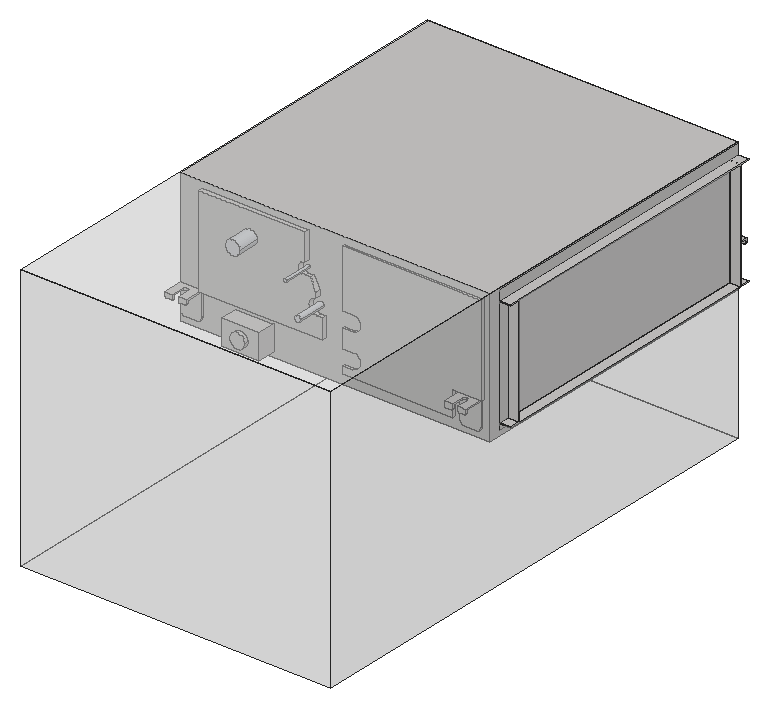
Revit family "outputfile", category 機械設備, Revit 2024
Family settings
  丸型コネクタ寸法 = 半径を使用
  パーツ タイプ = 標準
  OmniClass 番号 = 23.75.10.24.21.27.27
  OmniClass タイトル = Split System Air Conditioning Units
  作業面ベース = いいえ
  常に垂直 = はい
  ロード時にボイドで切り取り = いいえ
  注釈の向きを維持 = いいえ
  共有 = いいえ
  部屋計算ポイント = はい
Parameters (values of type "FXMQ50ARV1")
  製造元 = "Daikin"
  書き出し IFC クラス(タイプ) = "IfcUnitaryEquipmentType"
  定義済み IFC タイプ(タイプ) = "AIRCONDITIONINGUNIT"
  モデル = "FXMQ50ARV1"
  r_Liquid Pipe Size = Liquid Pipe Size / 2  # 3.2 mm
  r_Gas Pipe Size = Gas Pipe Size / 2  # 6.35 mm
  r_Drain Pipe Size = Drain Pipe Size / 2  # 16.0 mm
  lw_power = 396.0 mm  # constant formula
  lh_SA = 165.0 mm  # constant formula
  lw_SA = if(Depth = 550.0 mm, 210.0 mm, if(Depth = 700.0 mm, 285.0 mm, if(Depth = 1000.0 mm, 435.0 mm, 635.0 mm)))  # 285.0 mm
  lw_RA = if(Depth = 550.0 mm, 288.0 mm, if(Depth = 700.0 mm, 363.0 mm, if(Depth = 1000.0 mm, 513.0 mm, 713.0 mm)))  # 363.0 mm
  lh_power = 60.0 mm + [h***]  # 60.0 mm
  lh_mountinghole1 = lh_mountinghole + [h***]  # 80.0 mm
  lh_RA = 150.0 mm  # constant formula
  ld_power = Depth / 2  # 350.0 mm
  Voltage_comment_60Hz = "220-240"
  Voltage_comment_50Hz = "220-240"
  Voltage_60Hz = 220 V
  Voltage_50Hz = 220 V
  Supply Air Direction [instance] = yes
  Phase_60Hz = 1
  Phase_50Hz = 1
  Minimum Circuit Amps_60Hz = 1.5 A
  Minimum Circuit Amps_50Hz = 1.2 A
  Maximum Fuse Amps_60Hz = 15.0 A
  Maximum Fuse Amps_50Hz = 15.0 A
  Maximum External Static Pressure = 50.00 Pa
  Material_Casing = DAIKIN_GalvanizedSteel_Casing_indoorunit
  lw_mountinghole = 631.0 mm  # constant formula
  lh_gaspipe = 144.0 mm + [h***]  # 144.0 mm
  lh_mountinghole = 80.0 mm  # constant formula
  lh_liquidpipe = 212.0 mm + [h***]  # 212.0 mm
  lh_drainpipe = 232.0 mm + [h***]  # 232.0 mm
  lh_antena = Height - lh_mountinghole + 1.0 mm  # 221.0 mm
  ld_drainpipe = Depth / 2 + 59.0 mm  # 409.0 mm
  ld_liquidpipe = 415.0 mm
  ld_gaspipe = 415.0 mm
  ld_mountinghole = Depth + 38.0 mm  # 738.0 mm
  h*** = 0.0 mm  # constant formula
  lw_liquidpipe = 290.0 mm  # constant formula
  lw_gaspipe = 318.0 mm  # constant formula
  lw_drainpipe = 167.0 mm  # constant formula
  Width = 700.0 mm
  Version = "ver.1.0"
  Unit Type = "Duct_M.S.P."
  Unit Mass Weight = 28.00 kg
  Unit Designation [instance] = ""
  Uniclass2015Version = "Products v1.30"
  Uniclass2015Title = "Variable refrigerant flow units"
  Uniclass2015Code = "Pr_70_65_03_94"
  Total Heating Capacity [instance] = 0.000 kW
  Total Cooling Capacity [instance] = 0.000 kW
  Sound Pressure Level_L speed (dBA) = 39
  Sound Pressure Level_H speed (dBA) = 41
  Series = "VRV Fan Coil Unit"
  Sensible Cooling Capacity [instance] = 0.000 kW
  SA Duct Size Width = if(Depth = 550.0 mm, 310.0 mm, if(Depth = 700.0 mm, 460.0 mm, if(Depth = 1000.0 mm, 760.0 mm, 1160.0 mm)))  # 460.0 mm
  SA Duct Size Height = 215.0 mm
  Refrigerant Type = "R410A"
  RA Duct Size Width = if(Depth = 550.0 mm, 475.0 mm, if(Depth = 700.0 mm, 625.0 mm, if(Depth = 1000.0 mm, 925.0 mm, 1325.0 mm)))  # 625.0 mm
  RA Duct Size Height = 247.0 mm
  Power Input (Heating) = 0.210 kW
  Power Input (Cooling) = 0.210 kW
  Option Accessory 3 [instance] = ""
  Option Accessory 2 [instance] = ""
  Option Accessory 1 [instance] = ""
  Nominal Heating Capacity = 5.600 kW
  Nominal Cooling Capacity = 5.600 kW
  Minimum Airflow = 960.00 m³/h
  Median Airflow = 0.00 m³/h
  Maximum Airflow = 1140.00 m³/h
  Load Classification = HVAC
  Liquid Pipe Size = 6.4 mm
  Link_Nested Family [instance] = ""
  IfcVersion = ""
  IfcExportType = "AIRCONDITIONINGUNIT"
  IfcExportAs = "IfcUnitaryEquipmentType"
  Height = 300.0 mm
  Heating Entering Wet Bulb Temperature [instance] = 0.00 °C
  Heating Entering Dry Bulb Temperature [instance] = 0.00 °C
  Heating Ambient Wet Bulb Temperature [instance] = 0.00 °C
  Heating Ambient Dry Bulb Temperature [instance] = 0.00 °C
  Heat Exchanger Type = "Cross Fin Coil"
  Gas Pipe Size = 12.7 mm
  Frequency_60Hz = 60 Hz
  Frequency_50Hz = 50 Hz
  Fan Type = "Sirocco Fan"
  Fan Drive = "Direct Drive"
  FCU Tag No. [instance] = ""
  Drain Pipe Size = 32.0 mm
  Design Supply Airflow [instance] = 0.00 m³/h
  Design Return Airflow [instance] = 0.00 m³/h
  Design External Static Pressure [instance] = 0.00 Pa
  Depth = 700.0 mm
  既定の高さ = 0.0 mm
  Cooling Entering Wet Bulb Temperature [instance] = 0.00 °C
  Cooling Entering Dry Bulb Temperature [instance] = 0.00 °C
  Cooling Ambient Wet Bulb Temperature [instance] = 0.00 °C
  Cooling Ambient Dry Bulb Temperature [instance] = 0.00 °C
  Clearance visibility [instance] = yes
  Clearance Top = 0.0 mm
  Clearance Right = 0.0 mm
  Clearance Rear = 0.0 mm
  Clearance Left = 0.0 mm
  Clearance Front = 450.0 mm
  Clearance Bottom = 300.0 mm
Reference planes
  plane 1 "Center (Front/Back)": y = 0
  plane 2 "h": z = 0
  plane 3 "Center (Left/Right)": x = 0
  plane 4 "Back": y = 350
  plane 5 "Front": y = -350
  plane 6 "Left": x = -350
  plane 7 "Reight": x = 350
  plane 8 "Top": z = 0
  plane 9 "Bottom": z = -300
  plane 10: y = -215
  plane 11: y = 350
  plane 12: y = -800
  plane 13: x = -350
  plane 14: x = 350
  plane 15: z = 0
  plane 16: z = -600
  plane 17: x = -350
  plane 18: z = -135
  plane 19: x = -349
  plane 20: x = 349
  plane 21: y = 65
  plane 22: y = 13
  plane 23: z = -150
  plane 24: y = -360.8
  plane 25: z = -14
  plane 26: z = -219
  plane 27: x = -60
  plane 28: x = -20
  plane 29: z = -156
  plane 30: x = -32
  plane 31: z = -88
  plane 32: x = 23
  plane 33: x = 335
  plane 34: z = -15.8
  plane 35: z = -274.8
  plane 36: z = -219.8
  plane 37: x = 271
  plane 38: x = -223.3
  plane 39: x = -138.3
  plane 40: z = -232.7
  plane 41: z = -288.5
  plane 42: y = -391
  plane 43: x = -181
  plane 44: z = -260
  plane 45: y = -399
  plane 46: z = -163.8
  plane 47: z = -239.8
  plane 48: x = 46
  plane 49: z = -88
  plane 50: x = -60
  plane 51: y = -415
  plane 52: z = -156
  plane 53: x = -32
  plane 54: y = -409
  plane 55: z = -68
  plane 56: x = -183
  plane 57: x = -183
  plane 58: x = -60
  plane 59: x = -32
  plane 60: x = 46
  plane 61: x = -323
  plane 62: x = 308
  plane 63: y = -369
  plane 64: y = 369
  plane 65: z = -220
  plane 66: y = -356
  plane 67: x = -298.5
  plane 68: x = -374
  plane 69: x = 374
Forms (mm)
  Extrusion 1, solid, material "DAIKIN_GalvanizedSteel_Casing_indoorunit" <- "Material_Casing"
    sketch origin (0, 0, 0) x (1, 0, 0) y (0, 1, 0)
      loop
        line (-349, 350) -> (-349, -350) -> (349, -350) -> (349, 350) -> (-349, 350)
    from -300 to 0
  Extrusion 2, solid, material "DAIKIN_GalvanizedSteel_Casing_indoorunit" <- "Material_Casing"
    sketch origin (0, 0, 0) x (1, 0, 0) y (0, 0, 1)
      loop
        line (-298.5, -219) -> (-20, -219) -> (-20, -173.5) -> (-32, -173.5)
        arc (-32, -173.5) -> (-49.471, -157.002) -> (-34, -138.615) r 17.5
        line (-34, -138.615) -> (-34, -127.5) -> (-47, -101) -> (-60, -101)
        arc (-60, -101) -> (-73, -88) -> (-60, -75) r 13
        line (-60, -75) -> (-60, -14) -> (-298.5, -14) -> (-298.5, -219)
    from 350 to 360.8
  Extrusion 3, solid, material "DAIKIN_GalvanizedSteel_Casing_indoorunit" <- "Material_Casing"
    sketch origin (0, 0, 0) x (1, 0, 0) y (0, 0, 1)
      loop
        line (23, -274.8) -> (271, -274.8) -> (271, -219.8) -> (335, -219.8) -> (335, -15.8) -> (23, -15.8) -> (23, -146.3) -> (46, -146.3)
        arc (46, -146.3) -> (63.5, -163.8) -> (46, -181.3) r 17.5
        line (46, -181.3) -> (23, -181.3) -> (23, -222.3) -> (46, -222.3)
        arc (46, -222.3) -> (63.5, -239.8) -> (46, -257.3) r 17.5
        line (46, -257.3) -> (23, -257.3) -> (23, -274.8)
    from 350 to 356
  Extrusion 4, solid, material "DAIKIN_GalvanizedSteel_Casing_indoorunit" <- "Material_Casing"
    sketch origin (0, 0, 0) x (1, 0, 0) y (0, 0, 1)
      loop
        line (-223.3, -232.7) -> (-223.3, -288.5) -> (-138.3, -288.5) -> (-138.3, -232.7) -> (-223.3, -232.7)
    from 350 to 391
  Extrusion 5, solid, material "DAIKIN_GalvanizedSteel_Casing_indoorunit" <- "Material_Casing"
    sketch origin (0, 0, 0) x (1, 0, 0) y (0, 0, 1)
      loop
        circle (-181, -260) r 16.5
    from 391 to 399
  Extrusion 6, solid
    sketch origin (0, 0, 0) x (1, 0, 0) y (0, 0, 1)
      loop
        circle (-60, -88) r 3.2
    from 350 to 415
  Extrusion 7, solid
    sketch origin (0, 0, 0) x (1, 0, 0) y (0, 0, 1)
      loop
        circle (-32, -156) r 6.35
    from 350 to 415
  Extrusion 8, solid
    sketch origin (0, 0, 0) x (1, 0, 0) y (0, 0, 1)
      loop
        circle (-183, -68) r 16
    from 360.8 to 409
Dimensions and locks
  "Height": plane 8 "Top" to plane 9 "Bottom"
  equal spacing: plane 4 "Back", plane 1 "Center (Front/Back)", plane 5 "Front"
  "Depth": plane 4 "Back" to plane 5 "Front"
  equal spacing: plane 6 "Left", plane 3 "Center (Left/Right)", plane 7 "Reight"
  "Width": plane 6 "Left" to plane 7 "Reight"
  "Clearance Left": plane 13 to plane 6 "Left"
  "Clearance Right": plane 7 "Reight" to plane 14
  "Clearance Rear": plane 11 to plane 4 "Back"
  "Clearance Front": plane 5 "Front" to plane 12
  "Clearance Top": plane 15 to plane 8 "Top"
  "Clearance Bottom": plane 9 "Bottom" to plane 16
  "lh_SA": plane 18 to plane 9 "Bottom"
  locked: plane 17 to plane 19 at 1
  "lw_SA": plane 4 "Back" to plane 21
  "lw_RA": plane 22 to plane 5 "Front"
  "lh_RA": plane 23 to plane 9 "Bottom"
  locked: plane 5 "Front" to plane 24 at 10.8
  plane 30 to plane 27 to plane 6 "Left" = 28.0 mm locked, 290.0 mm locked
  plane 33 to plane 32 to plane 6 "Left" = 312.0 mm locked, 373.0 mm locked
  locked: plane 33 to plane 37 at 64
  locked: plane 36 to plane 35 at 55
  plane 39 to plane 38 to plane 6 "Left" = 85.0 mm locked, 126.7 mm locked
  locked: plane 5 "Front" to plane 42 at 41
  locked: plane 43 to plane 6 "Left" at 169
  locked: plane 42 to plane 45 at 8
  plane 46 to plane 47 to plane 35 = 76.0 mm locked, 35.0 mm locked
  locked: plane 48 to plane 32 at 23
  "lw_liquidpipe": plane 50 to plane 6 "Left"
  "lh_liquidpipe": plane 49 to plane 9 "Bottom"
  "lh_gaspipe": plane 52 to plane 9 "Bottom"
  "lw_gaspipe": plane 53 to plane 6 "Left"
  "ld_gaspipe": plane 51 to plane 1 "Center (Front/Back)"
  "ld_drainpipe": plane 54 to plane 1 "Center (Front/Back)"
  "lh_drainpipe": plane 55 to plane 9 "Bottom"
  "lw_drainpipe": plane 56 to plane 6 "Left"
  "lw_drainpipe": plane 6 "Left" to plane 57
  "lw_liquidpipe": plane 6 "Left" to plane 58
  "lw_gaspipe": plane 6 "Left" to plane 59
  "lw_power": plane 6 "Left" to plane 60
  plane 17 to plane 61 = 27.0 mm
  "lw_mountinghole": plane 61 to plane 62
  equal spacing: plane 63, plane 1 "Center (Front/Back)", plane 64
  "ld_mountinghole": plane 64 to plane 63
  "lh_mountinghole": plane 65 to plane 9 "Bottom"
  plane 8 "Top" to plane 40 to plane 41 = 232.7 mm locked, 55.8 mm locked
  locked: plane 8 "Top" to plane 44 at 260
  plane 8 "Top" to plane 25 to plane 26 = 14.0 mm locked, 205.0 mm locked
  plane 8 "Top" to plane 31 to plane 29 = 88.0 mm locked, 68.0 mm locked
  plane 8 "Top" to plane 34 to plane 35 = 15.8 mm locked, 259.0 mm locked
  locked: plane 5 "Front" to plane 66 at 6
  locked: plane 68 to plane 6 "Left" at 24
  locked: plane 7 "Reight" to plane 69 at 24
  locked: plane 67 to plane 13 at 51.5
  locked: plane 28 to plane 30 at 12
  locked: Extrusion 2 sketch curve to plane 27 at 26
  plane 5 "Front" to plane 51 = 65.0 mm
  plane 5 "Front" to plane 54 = 59.0 mm
  locked: plane 20 to plane 7 "Reight" at 1
  "r_Liquid Pipe Size": radius of Extrusion 6 sketch curve
  "r_Gas Pipe Size": radius of Extrusion 7 sketch curve
  "r_Drain Pipe Size": radius of Extrusion 8 sketch curve
  aligned and locked: level to plane 2 "h"
  aligned and locked: plane 8 "Top" to Extrusion 1
  aligned and locked: Extrusion 1 to plane 9 "Bottom"
  aligned and locked: nested 5 to plane 12
  aligned and locked: plane 13 to nested 5
  aligned and locked: plane 14 to nested 5
  aligned and locked: nested 5 to plane 13
  aligned and locked: plane 11 to nested 5
  aligned and locked: plane 15 to nested 5
  aligned and locked: plane 16 to nested 5
  aligned and locked: plane 5 "Front" to Extrusion 1 sketch curve
  aligned and locked: Extrusion 1 to plane 19
  aligned and locked: plane 20 to Extrusion 1
  aligned and locked: nested 7 to plane 19
  aligned and locked: nested 7 to plane 21
  aligned and locked: plane 18 to nested 7
  aligned and locked: plane 20 to nested 8
  aligned and locked: plane 22 to nested 8
  aligned and locked: plane 23 to nested 8
  aligned and locked: Extrusion 2 to plane 24
  aligned and locked: plane 5 "Front" to Extrusion 2
  aligned and locked: plane 35 to Extrusion 3 sketch curve
  aligned and locked: plane 37 to Extrusion 3 sketch curve
  aligned and locked: plane 36 to Extrusion 3 sketch curve
  aligned and locked: Extrusion 3 sketch curve to plane 33
  aligned and locked: Extrusion 3 sketch curve to plane 34
  aligned and locked: Extrusion 3 sketch curve to plane 32
  aligned and locked: plane 5 "Front" to Extrusion 3
  aligned and locked: Extrusion 4 sketch curve to plane 40
  aligned and locked: Extrusion 4 sketch curve to plane 38
  aligned and locked: plane 41 to Extrusion 4 sketch curve
  aligned and locked: plane 39 to Extrusion 4 sketch curve
  aligned and locked: Extrusion 4 to plane 42
  aligned and locked: plane 5 "Front" to Extrusion 4
  aligned and locked: Extrusion 5 sketch curve to plane 43
  aligned and locked: plane 44 to Extrusion 5 sketch curve
  aligned and locked: Extrusion 5 to plane 45
  aligned and locked: plane 42 to Extrusion 5
  aligned and locked: Extrusion 6 sketch curve to plane 50
  aligned and locked: plane 49 to Extrusion 6 sketch curve
  aligned and locked: Extrusion 6 to plane 51
  aligned and locked: plane 5 "Front" to Extrusion 6
  aligned and locked: Extrusion 7 sketch curve to plane 53
  aligned and locked: plane 52 to Extrusion 7 sketch curve
  aligned and locked: Extrusion 7 to Extrusion 6
  aligned and locked: plane 5 "Front" to Extrusion 7
  aligned and locked: Extrusion 8 sketch curve to plane 56
  aligned and locked: Extrusion 8 sketch curve to plane 55
  aligned and locked: Extrusion 8 to plane 54
  aligned and locked: plane 24 to Extrusion 8
  aligned and locked: nested 3 to plane 54
  aligned and locked: plane 57 to nested 3
  aligned and locked: plane 58 to nested 2
  aligned and locked: nested 2 to plane 51
  aligned and locked: nested 1 to plane 59
  aligned and locked: Extrusion 7 to plane 51
  aligned and locked: nested 1 to plane 51
  aligned and locked: nested 6 to plane 5 "Front"
  aligned and locked: nested 6 to plane 60
  aligned and locked: plane 61 to nested 10
  aligned and locked: nested 10 to plane 5 "Front"
  aligned and locked: plane 62 to nested 9
  aligned and locked: nested 9 to plane 5 "Front"
  aligned and locked: nested 11 to plane 61
  aligned and locked: plane 4 "Back" to nested 11
  aligned and locked: nested 12 to plane 62
  aligned and locked: plane 4 "Back" to nested 12
  aligned and locked: plane 65 to nested 10
  aligned and locked: plane 65 to nested 11
  aligned and locked: plane 65 to nested 9
  aligned and locked: plane 65 to nested 12
  aligned and locked: plane 61 to nested 14
  aligned and locked: nested 14 to plane 64
  aligned and locked: plane 62 to nested 13
  aligned and locked: nested 13 to plane 64
  aligned and locked: plane 62 to nested 16
  aligned and locked: plane 63 to nested 16
  aligned and locked: plane 63 to nested 15
  aligned and locked: plane 61 to nested 15
  aligned and locked: Extrusion 3 to plane 66
  aligned and locked: plane 67 to Extrusion 2 sketch curve
  aligned and locked: nested 17 to plane 21
  aligned and locked: nested 17 to plane 68
  aligned and locked: plane 18 to nested 17
  aligned and locked: plane 22 to nested 18
  aligned and locked: plane 69 to nested 18
  aligned and locked: nested 18 to plane 23
  aligned and locked: nested 4 to plane 3 "Center (Left/Right)"
  aligned and locked: plane 1 "Center (Front/Back)" to nested 4
  aligned and locked: level to plane 8 "Top"
  aligned and locked: Extrusion 2 sketch curve to plane 28
  aligned and locked: Extrusion 2 sketch curve to plane 26
Automatic sketch dimensions
  plane 6 "Left" to Extrusion 1 sketch curve = 1.0 mm
  Extrusion 1 sketch curve to plane 7 "Reight" = 1.0 mm
  Extrusion 1 sketch curve to plane 4 "Back" = 0.0 mm
  Extrusion 3 sketch curve to plane 32 = 0.0 mm  (x2)
  Extrusion 3 sketch curve to plane 46 = 0.0 mm
  Extrusion 3 sketch curve to plane 48 = 0.0 mm  (x2)
  Extrusion 3 sketch curve to plane 47 = 0.0 mm
  Extrusion 3 sketch curve to plane 36 = 2.5 mm
  plane 23 to Extrusion 3 sketch curve = 3.7 mm
  Extrusion 2 sketch curve to plane 25 = 0.0 mm
  plane 27 to Extrusion 2 sketch curve = 0.0 mm
  Extrusion 2 sketch curve to plane 30 = 0.0 mm
  Extrusion 2 sketch curve to plane 29 = 0.0 mm
  Extrusion 2 sketch curve to plane 31 = 0.0 mm
  Extrusion 2 sketch curve to Extrusion 2 sketch curve = 13.0 mm
  Extrusion 2 sketch curve to plane 29 = 17.5 mm
  Extrusion 2 sketch curve to plane 31 = 13.0 mm
  plane 18 to Extrusion 2 sketch curve = 7.5 mm
  radius of Extrusion 5 sketch curve = 16.5 mm
Nested families
  nested 1: "daikin_connector_rotate2" at (-32, 0, -156), length <- "ld_gaspipe", built-in parameter 1001364 <- "lh_gaspipe", radius <- "r_Gas Pipe Size", type "daikin_connector_rotate2"
    with radius 6.35 mm, length 415.0 mm, angle_vertical 90.00°
  nested 2: "daikin_connector_rotate2" at (-60, 0, -88), length <- "ld_liquidpipe", built-in parameter 1001364 <- "lh_liquidpipe", radius <- "r_Liquid Pipe Size", type "daikin_connector_rotate2"
    with radius 3.2 mm, length 415.0 mm, angle_vertical 90.00°
  nested 3: "daikin_connector_rotate2" at (-183, 0, -68), length <- "ld_drainpipe", built-in parameter 1001364 <- "lh_drainpipe", radius <- "r_Drain Pipe Size", type "daikin_connector_rotate2"
    with radius 16.0 mm, length 409.0 mm, angle_vertical 90.00°
  nested 4: "daikin_△_symbolicline" at (0, 0, 300) x (0, -1, 0) z (0, 0, 1), built-in parameter 1001364 <- "Height", visible <- "Supply Air Direction", type "daikin_△_symbolicline"
    with length 200.0 mm
  nested 5: "daikin_clearancespace" at (0, -225, -299.881), visible <- "Clearance visibility", show <- "Clearance visibility", Link_Nested Family <- "Link_Nested Family", type "daikin_clearancespace"
    with width 700.0 mm, show yes, height 600.0 mm, depth 1150.0 mm, Link_Nested Family ""
  nested 6: "daikin_connector_rotate2" at (46, 0, -240), built-in parameter 1001364 <- "lh_power", length <- "ld_power", type "daikin_connector_rotate2"
    with radius 10.0 mm, length 350.0 mm, angle_vertical 90.00°
  nested 7: "daikin_ductflange_FXMQ-ARV1_2" at (-349, 65, -135) x (0, -1, 0) z (0, 0, 1), type "daikin_ductflange_FXMQ-ARV1_2"
    with width 460.0 mm, w 700.0 mm
  nested 8: "daikin_ductflange_FXMQ-ARV1_1" at (349, 13, -150) x (0, 1, 0) z (0, 0, 1), type "daikin_ductflange_FXMQ-ARV1_1"
    with width 625.0 mm, w 700.0 mm
  nested 9: "daikin_hangerfixture_FXMQ-ARV1" at (308, -350, -220), type "daikin_hangerfixture_FXMQ-ARV1"
  nested 10: "daikin_hangerfixture_FXMQ-ARV1" at (-323, -350, -220), type "daikin_hangerfixture_FXMQ-ARV1"
  nested 11: "daikin_hangerfixture_FXMQ-ARV1" at (-323, 350, -220) x (-1, 0, 0) z (0, 0, 1), type "daikin_hangerfixture_FXMQ-ARV1"
  nested 12: "daikin_hangerfixture_FXMQ-ARV1" at (308, 350, -220) x (-1, 0, 0) z (0, 0, 1), type "daikin_hangerfixture_FXMQ-ARV1"
  nested 13: "daikin_mountinghole" at (308, 369, -300), h_mountinghole <- "lh_mountinghole1", l_antenna <- "lh_antena", Link_Nested Family <- "Link_Nested Family", type "daikin_mountinghole"
    with show yes, l_antenna 221.0 mm, h_mountinghole 80.0 mm, Link_Nested Family ""
  nested 14: "daikin_mountinghole" at (-323, 369, -300), h_mountinghole <- "lh_mountinghole1", l_antenna <- "lh_antena", Link_Nested Family <- "Link_Nested Family", type "daikin_mountinghole"
    with show yes, l_antenna 221.0 mm, h_mountinghole 80.0 mm, Link_Nested Family ""
  nested 15: "daikin_mountinghole" at (-323, -369, -300), h_mountinghole <- "lh_mountinghole1", l_antenna <- "lh_antena", Link_Nested Family <- "Link_Nested Family", type "daikin_mountinghole"
    with show yes, l_antenna 221.0 mm, h_mountinghole 80.0 mm, Link_Nested Family ""
  nested 16: "daikin_mountinghole" at (308, -369, -300), h_mountinghole <- "lh_mountinghole1", l_antenna <- "lh_antena", Link_Nested Family <- "Link_Nested Family", type "daikin_mountinghole"
    with show yes, l_antenna 221.0 mm, h_mountinghole 80.0 mm, Link_Nested Family ""
  nested 17: "daikin_connector_rotate2" at (-350, 65, -135) x (0, -1, 0) z (0, 0, 1), type "daikin_connector_rotate2"
    with radius 10.0 mm, length 24.0 mm, angle_vertical 90.00°
  nested 18: "daikin_connector_rotate2" at (350, 13, -150) x (0, 1, 0) z (0, 0, 1), type "daikin_connector_rotate2"
    with radius 10.0 mm, length 24.0 mm, angle_vertical 90.00°
Connectors
  piping at (-183, -409, -68), diameter 32, driven by "r_Drain Pipe Size"
    settings: on nested 3, index 3, connector inside diameter 609.6 mm, connector length 0.0 mm, flow factor 0, pipe flow 0.00 m³/h, pressure drop 0.0 Pa, fitting loss kfactor 0, connector angle 0.00°, fixture units 0, engagement length 0.0 mm, angle of deflection 0.00°, flow configuration 1, flow direction 2, fitting loss method 4, system type 16, joint type 0, gender type 0, connector reference index -1, connector utility 0, adjustable connector no, is connector primary yes, connector description "Condensate Drain Piping"
  piping at (-32, -415, -156), diameter 12.7, driven by "r_Gas Pipe Size"
    settings: on nested 1, index 4, connector inside diameter 609.6 mm, connector length 0.0 mm, flow factor 0, pipe flow 0.00 m³/h, pressure drop 0.0 Pa, fitting loss kfactor 0, connector angle 0.00°, fixture units 0, engagement length 0.0 mm, angle of deflection 0.00°, flow configuration 1, flow direction 2, fitting loss method 0, system type 29, joint type 0, gender type 0, connector reference index -1, connector utility 0, adjustable connector no, is connector primary no, connector description "Refrigerant Gas Piping"
  piping at (-60, -415, -88), diameter 6.4, driven by "r_Liquid Pipe Size"
    settings: on nested 2, index 5, connector inside diameter 609.6 mm, connector length 0.0 mm, flow factor 0, pipe flow 0.00 m³/h, pressure drop 0.0 Pa, fitting loss kfactor 0, connector angle 0.00°, fixture units 0, engagement length 0.0 mm, angle of deflection 0.00°, flow configuration 1, flow direction 1, fitting loss method 0, system type 29, joint type 0, gender type 0, connector reference index -1, connector utility 0, adjustable connector no, is connector primary no, connector description "Refrigerant Liquid Piping"
  electrical at (46, -350, -240), driven by "Load Classification"
    settings: on nested 6, index 6, voltage 0 V, apparent load 0 VA, apparent load phase1 0 VA, apparent load phase2 0 VA, apparent load phase3 0 VA, power factor 1, load classification "HVAC", number of poles 1, system type 30, power factor state 1, is connector primary yes, connector utility no, sub classification motor no, connector description "Power Supply"
  hvac at (-374, 65, -135), driven by "SA Duct Size Height", driven by "SA Duct Size Width"
    settings: on nested 17, index 7, duct flow 0.00 m³/h, flow factor 0, pres drop 0.00 Pa, loss coef 0, conn angle 0.00°, conn width 460.0 mm, conn height 215.0 mm, conn diameter 609.6 mm, duct sys type 1, conn prof type 1, flow config 0, flow direction 2, loss method 4, conn ref index -1, conn util no, is conn primary yes, conn desc "SA Duct"
  hvac at (374, 13, -150), driven by "RA Duct Size Height", driven by "RA Duct Size Width"
    settings: on nested 18, index 8, duct flow 0.00 m³/h, flow factor 0, pres drop 0.00 Pa, loss coef 0, conn angle 0.00°, conn width 625.0 mm, conn height 247.0 mm, conn diameter 609.6 mm, duct sys type 2, conn prof type 1, flow config 0, flow direction 1, loss method 4, conn ref index -1, conn util no, is conn primary no, conn desc "RA Duct"
Definition of nested family "daikin_clearancespace"
  Parameters (values of type "daikin_clearancespace")
    Description = "daikin_clearancespace"
    width [instance] = 1823.963 mm
    show [instance] = yes
    material = none
    height [instance] = 1359.762 mm
    depth [instance] = 880.0 mm
    Default Elevation = 0.0 mm
    Link_Nested Family [instance] = ""
  Reference planes
    plane 1 "Center (Front/Back)": y = 0
    plane 2 "Center (Elevation)": z = -0.119
    plane 3 "Center (Left/Right)": x = 0
    plane 4: y = 440
    plane 5: y = -440
    plane 6 "Right": x = 911.982
    plane 7 "Left": x = -911.982
    plane 8 "Top": z = 679.762
    plane 9 "Bottom": z = -680
  Forms (mm)
    Extrusion 1, solid, material <- "material", visible <- "show"
      sketch origin (0, 0, 0) x (1, 0, 0) y (0, 1, 0)
        loop
          line (-911.982, 440) -> (-911.982, -440) -> (911.982, -440) -> (911.982, 440) -> (-911.982, 440)
      from -680 to 679.762
  Lines and regions (mm)
    symbolic lines, visible <- "show"
      curve 1: line (911.982, 440, 0) -> (-911.982, 440, 0)
      curve 2: line (-911.982, 440, 0) -> (-911.982, -440, 0)
      curve 3: line (-911.982, -440, 0) -> (911.982, -440, 0)
      curve 4: line (911.982, -440, 0) -> (911.982, 440, 0)
      curve 5: line (911.982, 0, 679.762) -> (-911.982, 0, 679.762)
      curve 6: line (911.982, 0, -680) -> (911.982, 0, 679.762)
      curve 7: line (-911.982, 0, -680) -> (911.982, 0, -680)
      curve 8: line (-911.982, 0, 679.762) -> (-911.982, 0, -680)
      curve 9: line (0, 440, 679.762) -> (0, -440, 679.762)
      curve 10: line (0, -440, 679.762) -> (0, -440, -680)
      curve 11: line (0, 440, -680) -> (0, 440, 679.762)
      curve 12: line (0, -440, -680) -> (0, 440, -680)
  Dimensions and locks
    "width": plane 7 "Left" to plane 6 "Right"
    "depth": plane 4 to plane 5
    "height": plane 8 "Top" to plane 9 "Bottom"
    equal spacing: plane 7 "Left", plane 3 "Center (Left/Right)", plane 6 "Right"
    equal spacing: plane 4, plane 1 "Center (Front/Back)", plane 5
    equal spacing: plane 8 "Top", plane 2 "Center (Elevation)", plane 9 "Bottom"
    aligned and locked: level to plane 2 "Center (Elevation)"
    aligned and locked: Extrusion 1 sketch curve to plane 4
    aligned and locked: plane 7 "Left" to Extrusion 1 sketch curve
    aligned and locked: Extrusion 1 sketch curve to plane 5
    aligned and locked: Extrusion 1 sketch curve to plane 6 "Right"
    aligned and locked: plane 8 "Top" to Extrusion 1
    aligned and locked: curve 1 to Extrusion 1
    aligned and locked: curve 2 to Extrusion 1
    aligned and locked: curve 3 to Extrusion 1
    aligned and locked: curve 4 to Extrusion 1
    aligned and locked: curve 5 to Extrusion 1
    aligned and locked: curve 6 to Extrusion 1
    aligned and locked: curve 7 to Extrusion 1
    aligned and locked: curve 8 to Extrusion 1
    aligned and locked: curve 9 to Extrusion 1
    aligned and locked: curve 10 to Extrusion 1
    aligned and locked: curve 11 to Extrusion 1
    aligned and locked: curve 12 to Extrusion 1
    aligned and locked: Extrusion 1 to plane 9 "Bottom"
Definition of nested family "daikin_ductflange_FXMQ-ARV1_2"
  Parameters (values of type "daikin_ductflange_FXDSQ-AVM2")
    width = if(w = 550.0 mm, 310.0 mm, if(w = 700.0 mm, 460.0 mm, if(w = 1000.0 mm, 760.0 mm, 1160.0 mm)))  # 310.0 mm
    material = none
    height = 215.0 mm
    depth = 1.0 mm
    w = 550.0 mm
    Default Elevation = 0.0 mm
  Reference planes
    plane 1 "Center (Front/Back)": y = 0
    plane 2: z = 0
    plane 3 "Center (Left/Right)": x = 0
    plane 4: z = 107.5
    plane 5: z = -107.5
    plane 6: y = -25
    plane 7: z = 132.5
    plane 8: z = 108.5
    plane 9: y = -1
    plane 10: x = -177.5
    plane 11: x = 177.5
    plane 12: z = -132.5
    plane 13: z = -108.5
    plane 14: y = -1
    plane 15: x = 155
    plane 16: x = -155
    plane 17: x = 156
    plane 18: z = 106.5
    plane 19: z = -106.5
    plane 20: x = -156
    plane 21: z = 106.5
    plane 22: z = -106.5
    plane 23: y = -1
  Forms (mm)
    Extrusion 1, solid, material <- "material"
      sketch origin (0, 0, 0) x (0, 1, 0) y (0, 0, 1)
        loop
          line (-25, 107.5) -> (0, 107.5) -> (0, 132.5) -> (-1, 132.5) -> (-1, 108.5) -> (-25, 108.5) -> (-25, 107.5)
      from -177.5 to 177.5
    Extrusion 2, solid, material <- "material"
      sketch origin (0, 0, 0) x (0, 1, 0) y (0, 0, 1)
        loop
          line (-25, -107.5) -> (-25, -108.5) -> (-1, -108.5) -> (-1, -132.5) -> (0, -132.5) -> (0, -107.5) -> (-25, -107.5)
      from -177.5 to 177.5
    Extrusion 3, solid, material <- "material"
      sketch origin (0, 0, 0) x (1, 0, 0) y (0, 0, 1)
        loop
          line (155, 107.5) -> (155, -107.5) -> (177.5, -107.5) -> (177.5, -106.5) -> (156, -106.5) -> (156, 106.5) -> (177.5, 106.5) -> (177.5, 107.5) -> (155, 107.5)
      from 0 to 25
    Extrusion 4, solid, material <- "material"
      sketch origin (0, 0, 0) x (1, 0, 0) y (0, 0, 1)
        loop
          line (-177.5, 107.5) -> (-177.5, 106.5) -> (-156, 106.5) -> (-156, -106.5) -> (-177.5, -106.5) -> (-177.5, -107.5) -> (-155, -107.5) -> (-155, 107.5) -> (-177.5, 107.5)
      from 0 to 25
    Extrusion 5, solid, material <- "material"
      sketch origin (0, 0, 0) x (1, 0, 0) y (0, 0, 1)
        loop
          line (-177.5, 107.5) -> (-177.5, -107.5) -> (-155, -107.5) -> (-155, 107.5) -> (-177.5, 107.5)
        loop
          line (177.5, 107.5) -> (155, 107.5) -> (155, -107.5) -> (177.5, -107.5) -> (177.5, 107.5)
      from 0 to 1
  Cuts and joins
    joined: Extrusion 1, Extrusion 2, Extrusion 3, Extrusion 4, Extrusion 5
  Dimensions and locks
    plane 4 to level to plane 5 = 107.5 mm locked, 107.5 mm locked
    locked: plane 6 to plane 1 "Center (Front/Back)" at 25
    locked: plane 9 to plane 1 "Center (Front/Back)" at 1
    locked: plane 8 to plane 4 at 1
    locked: plane 11 to plane 15 at 22.5
    locked: plane 16 to plane 10 at 22.5
    locked: plane 17 to plane 15 at 1
    locked: plane 4 to plane 18 at 1
    locked: plane 19 to plane 5 at 1
    "width": plane 15 to plane 16
    plane 4 to plane 5 = 215.0 mm
    equal spacing: plane 15, plane 3 "Center (Left/Right)", plane 16
    locked: plane 16 to plane 20 at 1
    locked: plane 4 to plane 21 at 1
    locked: plane 22 to plane 5 at 1
    locked: plane 23 to plane 1 "Center (Front/Back)" at 1
    aligned and locked: level to plane 2
    aligned and locked: Extrusion 1 to plane 10
    aligned and locked: plane 11 to Extrusion 1
    aligned and locked: plane 5 to Extrusion 2
    aligned and locked: Extrusion 2 to plane 1 "Center (Front/Back)"
    aligned and locked: plane 15 to Extrusion 3 sketch curve
    aligned and locked: Extrusion 3 sketch curve to Extrusion 2  (x2)
    aligned and locked: Extrusion 3 sketch curve to plane 11
    aligned and locked: plane 6 to Extrusion 3
    aligned and locked: Extrusion 2 to plane 10
    aligned and locked: plane 11 to Extrusion 2
    aligned and locked: Extrusion 4 sketch curve to Extrusion 1  (x2)
    aligned and locked: plane 5 to Extrusion 4 sketch curve
    aligned and locked: Extrusion 4 sketch curve to plane 16
    aligned and locked: Extrusion 4 sketch curve to plane 22
    aligned and locked: plane 20 to Extrusion 4 sketch curve
    aligned and locked: plane 21 to Extrusion 4 sketch curve
    aligned and locked: Extrusion 4 to plane 1 "Center (Front/Back)"
    aligned and locked: plane 6 to Extrusion 4
    aligned and locked: Extrusion 5 sketch curve to Extrusion 1  (x4)
    aligned and locked: Extrusion 5 sketch curve to Extrusion 4  (x2)
    aligned and locked: Extrusion 5 sketch curve to Extrusion 3  (x2)
    aligned and locked: Extrusion 5 to plane 1 "Center (Front/Back)"
    aligned and locked: plane 23 to Extrusion 5
  Automatic sketch dimensions
    Extrusion 1 sketch curve to plane 6 = 0.0 mm
    Extrusion 1 sketch curve to plane 7 = 0.0 mm
    Extrusion 1 sketch curve to plane 9 = 0.0 mm
    Extrusion 1 sketch curve to plane 1 "Center (Front/Back)" = 0.0 mm
    Extrusion 1 sketch curve to plane 4 = 0.0 mm
    Extrusion 1 sketch curve to plane 8 = 0.0 mm
    Extrusion 2 sketch curve to plane 6 = 0.0 mm
    plane 12 to Extrusion 2 sketch curve = 0.0 mm
    Extrusion 2 sketch curve to plane 14 = 0.0 mm
    Extrusion 2 sketch curve to plane 1 "Center (Front/Back)" = 0.0 mm
    plane 13 to Extrusion 2 sketch curve = 0.0 mm
    Extrusion 2 sketch curve to plane 5 = 0.0 mm
    Extrusion 3 sketch curve to plane 17 = 0.0 mm
    Extrusion 3 sketch curve to plane 19 = 0.0 mm
    Extrusion 3 sketch curve to plane 18 = 0.0 mm
    Extrusion 3 sketch curve to plane 4 = 0.0 mm
    Extrusion 4 sketch curve to plane 10 = 0.0 mm
Definition of nested family "daikin_ductflange_FXMQ-ARV1_1"
  Parameters (values of type "daikin_ductflange_FXDSQ-AVM")
    width = if(w = 550.0 mm, 475.0 mm, if(w = 700.0 mm, 625.0 mm, if(w = 1000.0 mm, 925.0 mm, 1325.0 mm)))  # 475.0 mm
    material = none
    height = 247.0 mm
    depth = 1.0 mm
    w = 550.0 mm
    Default Elevation = 0.0 mm
  Reference planes
    plane 1 "Center (Front/Back)": y = 0
    plane 2: z = 0
    plane 3 "Center (Left/Right)": x = 0
    plane 4: z = 123.5
    plane 5: z = -123.5
    plane 6: y = -25
    plane 7: z = 146.5
    plane 8: z = 124.5
    plane 9: y = -1
    plane 10: x = -260
    plane 11: x = 260
    plane 12: z = -137
    plane 13: z = -124.5
    plane 14: y = -1
    plane 15: x = 237.5
    plane 16: x = -237.5
    plane 17: x = 238.5
    plane 18: z = 122.5
    plane 19: z = -122.5
    plane 20: x = -238.5
    plane 21: z = 122.5
    plane 22: z = -122.5
    plane 23: y = -1
  Forms (mm)
    Extrusion 1, solid, material <- "material"
      sketch origin (0, 0, 0) x (0, 1, 0) y (0, 0, 1)
        loop
          line (-25, 123.5) -> (0, 123.5) -> (0, 146.5) -> (-1, 146.5) -> (-1, 124.5) -> (-25, 124.5) -> (-25, 123.5)
      from -260 to 260
    Extrusion 2, solid, material <- "material"
      sketch origin (0, 0, 0) x (0, 1, 0) y (0, 0, 1)
        loop
          line (-25, -123.5) -> (-25, -124.5) -> (-1, -124.5) -> (-1, -137) -> (0, -137) -> (0, -123.5) -> (-25, -123.5)
      from -260 to 260
    Extrusion 3, solid, material <- "material"
      sketch origin (0, 0, 0) x (1, 0, 0) y (0, 0, 1)
        loop
          line (237.5, 123.5) -> (237.5, -123.5) -> (260, -123.5) -> (260, -122.5) -> (238.5, -122.5) -> (238.5, 122.5) -> (260, 122.5) -> (260, 123.5) -> (237.5, 123.5)
      from 0 to 25
    Extrusion 4, solid, material <- "material"
      sketch origin (0, 0, 0) x (1, 0, 0) y (0, 0, 1)
        loop
          line (-260, 123.5) -> (-260, 122.5) -> (-238.5, 122.5) -> (-238.5, -122.5) -> (-260, -122.5) -> (-260, -123.5) -> (-237.5, -123.5) -> (-237.5, 123.5) -> (-260, 123.5)
      from 0 to 25
    Extrusion 5, solid, material <- "material"
      sketch origin (0, 0, 0) x (1, 0, 0) y (0, 0, 1)
        loop
          line (-260, 123.5) -> (-260, -123.5) -> (-237.5, -123.5) -> (-237.5, 123.5) -> (-260, 123.5)
        loop
          line (260, 123.5) -> (237.5, 123.5) -> (237.5, -123.5) -> (260, -123.5) -> (260, 123.5)
      from 0 to 1
  Cuts and joins
    joined: Extrusion 1, Extrusion 2, Extrusion 3, Extrusion 4, Extrusion 5
  Dimensions and locks
    plane 4 to level to plane 5 = 123.5 mm, 123.5 mm
    locked: plane 6 to plane 1 "Center (Front/Back)" at 25
    locked: plane 9 to plane 1 "Center (Front/Back)" at 1
    locked: plane 8 to plane 4 at 1
    locked: plane 11 to plane 15 at 22.5
    locked: plane 16 to plane 10 at 22.5
    locked: plane 17 to plane 15 at 1
    locked: plane 4 to plane 18 at 1
    locked: plane 19 to plane 5 at 1
    "width": plane 15 to plane 16
    equal spacing: plane 15, plane 3 "Center (Left/Right)", plane 16
    locked: plane 16 to plane 20 at 1
    locked: plane 4 to plane 21 at 1
    locked: plane 22 to plane 5 at 1
    locked: plane 23 to plane 1 "Center (Front/Back)" at 1
    equal spacing: plane 4, level, plane 5
    locked: plane 7 to plane 4 at 23
    locked: plane 5 to plane 12 at 13.5
    locked: plane 1 "Center (Front/Back)" to plane 14 at 1
    locked: plane 5 to plane 13 at 1
    locked: plane 4 to plane 5 at 247
    aligned and locked: level to plane 2
    aligned and locked: Extrusion 1 to plane 10
    aligned and locked: plane 11 to Extrusion 1
    aligned and locked: plane 5 to Extrusion 2
    aligned and locked: Extrusion 2 to plane 1 "Center (Front/Back)"
    aligned and locked: plane 15 to Extrusion 3 sketch curve
    aligned and locked: Extrusion 3 sketch curve to Extrusion 2  (x2)
    aligned and locked: Extrusion 3 sketch curve to plane 11
    aligned and locked: plane 6 to Extrusion 3
    aligned and locked: Extrusion 2 to plane 10
    aligned and locked: plane 11 to Extrusion 2
    aligned and locked: Extrusion 4 sketch curve to Extrusion 1  (x2)
    aligned and locked: plane 5 to Extrusion 4 sketch curve
    aligned and locked: Extrusion 4 sketch curve to plane 16
    aligned and locked: Extrusion 4 sketch curve to plane 22
    aligned and locked: plane 20 to Extrusion 4 sketch curve
    aligned and locked: plane 21 to Extrusion 4 sketch curve
    aligned and locked: Extrusion 4 to plane 1 "Center (Front/Back)"
    aligned and locked: plane 6 to Extrusion 4
    aligned and locked: Extrusion 5 sketch curve to Extrusion 1  (x4)
    aligned and locked: Extrusion 5 sketch curve to Extrusion 4  (x2)
    aligned and locked: Extrusion 5 sketch curve to Extrusion 3  (x2)
    aligned and locked: Extrusion 5 to plane 1 "Center (Front/Back)"
    aligned and locked: plane 23 to Extrusion 5
  Automatic sketch dimensions
    Extrusion 1 sketch curve to plane 6 = 0.0 mm
    Extrusion 1 sketch curve to plane 7 = 0.0 mm
    Extrusion 1 sketch curve to plane 9 = 0.0 mm
    Extrusion 1 sketch curve to plane 1 "Center (Front/Back)" = 0.0 mm
    Extrusion 1 sketch curve to plane 4 = 0.0 mm
    Extrusion 1 sketch curve to plane 8 = 0.0 mm
    Extrusion 2 sketch curve to plane 6 = 0.0 mm
    plane 12 to Extrusion 2 sketch curve = 0.0 mm
    Extrusion 2 sketch curve to plane 14 = 0.0 mm
    Extrusion 2 sketch curve to plane 1 "Center (Front/Back)" = 0.0 mm
    plane 13 to Extrusion 2 sketch curve = 0.0 mm
    Extrusion 2 sketch curve to plane 5 = 0.0 mm
    Extrusion 3 sketch curve to plane 17 = 0.0 mm
    Extrusion 3 sketch curve to plane 19 = 0.0 mm
    Extrusion 3 sketch curve to plane 18 = 0.0 mm
    Extrusion 3 sketch curve to plane 4 = 0.0 mm
    Extrusion 4 sketch curve to plane 10 = 0.0 mm
Definition of nested family "daikin_hangerfixture_FXMQ-ARV1"
  Parameters (values of type "daikin_hangerfixture_FXMQ-PAVE")
    width = 48.0 mm
    material = none
    height = 65.0 mm
    depth = 45.0 mm
    Default Elevation = 0.0 mm
  Reference planes
    plane 1 "Center (Front/Back)": y = 0
    plane 2: z = 0
    plane 3 "Center (Left/Right)": x = 0
    plane 4: y = 417.146
    plane 5: y = -45
    plane 6: x = -24
    plane 7: x = 24
    plane 8: z = -2.3
    plane 9: z = -65
    plane 10: y = -2.3
    plane 11: z = -12
    plane 12: y = -42.7
  Forms (mm)
    Extrusion 1, solid, material <- "material"
      sketch origin (0, 0, 0) x (1, 0, 0) y (0, 1, 0)
        loop
          line (24, 0) -> (-24, 0) -> (-24, -45) -> (-6, -45) -> (-6, -19)
          arc (-6, -19) -> (0, -13) -> (6, -19) r 6
          line (6, -19) -> (6, -45) -> (24, -45) -> (24, 0)
      from 0 to -2.3
    Extrusion 2, solid, material <- "material"
      sketch origin (0, 0, 0) x (1, 0, 0) y (0, 0, 1)
        loop
          line (24, -55) -> (24, 0) -> (-24, 0) -> (-24, -55)
          arc (-24, -55) -> (-21.071, -62.071) -> (-14, -65) r 10
          line (-14, -65) -> (14, -65)
          arc (14, -65) -> (21.071, -62.071) -> (24, -55) r 10
      from 0 to 2.3
    Extrusion 3, solid, material <- "material"
      sketch origin (0, 0, 0) x (1, 0, 0) y (0, 0, 1)
        loop
          line (-6, -9) -> (-6, 0) -> (-24, 0) -> (-24, -9)
          arc (-24, -9) -> (-23.121, -11.121) -> (-21, -12) r 3
          line (-21, -12) -> (-9, -12)
          arc (-9, -12) -> (-6.879, -11.121) -> (-6, -9) r 3
        loop
          line (6, 0) -> (6, -9)
          arc (6, -9) -> (6.879, -11.121) -> (9, -12) r 3
          line (9, -12) -> (21, -12)
          arc (21, -12) -> (23.121, -11.121) -> (24, -9) r 3
          line (24, -9) -> (24, 0) -> (6, 0)
      from 42.7 to 45
  Cuts and joins
    joined: Extrusion 1, Extrusion 2, Extrusion 3
  Dimensions and locks
    "width": plane 6 to plane 7
    "depth": plane 5 to plane 1 "Center (Front/Back)"
    plane 2 to plane 8 = 2.3 mm
    "height": plane 2 to plane 9
    locked: plane 10 to plane 1 "Center (Front/Back)" at 2.3
    locked: plane 2 to plane 11 at 12
    locked: plane 12 to plane 5 at 2.3
    aligned and locked: level to plane 2
    aligned and locked: Extrusion 1 sketch curve to plane 1 "Center (Front/Back)"
    aligned and locked: plane 7 to Extrusion 1
    aligned and locked: Extrusion 1 to plane 6
    aligned and locked: Extrusion 1 to plane 5  (x2)
    aligned and locked: Extrusion 1 to plane 8
    aligned and locked: plane 2 to Extrusion 1
    aligned and locked: plane 2 to Extrusion 2 sketch curve
    aligned and locked: Extrusion 2 to plane 9
    aligned and locked: Extrusion 2 to plane 10
    aligned and locked: Extrusion 2 to plane 1 "Center (Front/Back)"
    aligned and locked: plane 2 to Extrusion 3 sketch curve  (x2)
    aligned and locked: Extrusion 3 to plane 11  (x2)
    aligned and locked: plane 12 to Extrusion 3
    aligned and locked: Extrusion 3 to plane 5
  Automatic sketch dimensions
    Extrusion 1 sketch curve to plane 6 = 0.0 mm
    Extrusion 1 sketch curve to plane 5 = 0.0 mm  (x2)
    Extrusion 1 sketch curve to plane 3 "Center (Left/Right)" = 0.0 mm
    Extrusion 1 sketch curve to plane 7 = 0.0 mm
    Extrusion 1 sketch curve to plane 3 "Center (Left/Right)" = 6.0 mm
    plane 1 "Center (Front/Back)" to Extrusion 1 sketch curve = 19.0 mm
    Extrusion 2 sketch curve to plane 7 = 0.0 mm
    Extrusion 2 sketch curve to plane 7 = 10.0 mm
    Extrusion 2 sketch curve to plane 8 = 52.7 mm
    plane 6 to Extrusion 2 sketch curve = 10.0 mm
    Extrusion 2 sketch curve to plane 6 = 0.0 mm
    Extrusion 3 sketch curve to plane 6 = 0.0 mm
    Extrusion 3 sketch curve to plane 7 = 0.0 mm
    Extrusion 3 sketch curve to Extrusion 3 sketch curve = 3.0 mm  (x2)
    Extrusion 3 sketch curve to plane 8 = 6.7 mm
    Extrusion 3 sketch curve to plane 3 "Center (Left/Right)" = 9.0 mm
    Extrusion 3 sketch curve to plane 3 "Center (Left/Right)" = 6.0 mm
    plane 3 "Center (Left/Right)" to Extrusion 3 sketch curve = 6.0 mm
    Extrusion 3 sketch curve to plane 7 = 3.0 mm
    Extrusion 3 sketch curve to plane 8 = 9.7 mm
Definition of nested family "daikin_connector_rotate2"
  Parameters (values of type "daikin_connector_rotate2")
    Default Elevation = 1219.2 mm
    show_face = no
    radius [instance] = 10.0 mm
    length [instance] = 600.0 mm
    d_surface = 10.0 mm
    angle_vertical [instance] = 90.00°
  Reference planes
    plane 1 "Center (Front/Back)": y = 0
    plane 2: z = 0
    plane 3 "Center (Left/Right)": x = 0
  Forms (mm)
    Extrusion 1, solid, visible <- "show_face"
      sketch origin (0, -600, 0) x (1, 0, 0) y (0, 0, 1)
        loop
          circle (0, 0) r 10
      from 0 to -10
  Lines and regions (mm)
    reference lines
      curve 1: line (0, 0, 0) -> (0, -600, 0)
    symbolic lines
      curve 2: circle (0, 0, 0) r 5 normal (0, 0, 1)
    model lines, visible <- "show_face"
      curve 3: line (0, 0, 0) -> (0, -600, 0)
  Dimensions and locks
    "length": curve 1 to curve 1
    "length": curve 3 to curve 3
    "d_surface": Extrusion 1 to Extrusion 1
    "radius": radius of Extrusion 1 sketch curve
    "angle_vertical": angle curve 1 to plane 1 "Center (Front/Back)"
    "angle_vertical": angle curve 3 to plane 1 "Center (Front/Back)"
    aligned and locked: level to plane 2
    aligned and locked: plane 1 "Center (Front/Back)" to curve 1
    aligned and locked: plane 2 to curve 1
    aligned and locked: plane 1 "Center (Front/Back)" to curve 2
    aligned and locked: plane 3 "Center (Left/Right)" to curve 2
    aligned and locked: plane 1 "Center (Front/Back)" to curve 3
    aligned and locked: plane 2 to curve 3
    aligned and locked: Extrusion 1 to Extrusion 1
  Automatic sketch dimensions
    Extrusion 1 sketch curve to level = 0.0 mm
    Extrusion 1 sketch curve to plane 3 "Center (Left/Right)" = 0.0 mm
    radius of curve 2 = 5.0 mm
Definition of nested family "daikin_△_symbolicline"
  Parameters (values of type "daikin_△_symbolicline")
    length [instance] = 200.0 mm
    Default Elevation = 0.0 mm
  Reference planes
    plane 1 "Center (Front/Back)": y = 0
    plane 2: z = 0
    plane 3 "Center (Left/Right)": x = 0
  Lines and regions (mm)
    symbolic lines
      curve 1: line (0, -173.205, 0) -> (100, 0, 0)
      curve 2: line (100, 0, 0) -> (-100, 0, 0)
      curve 3: line (-100, 0, 0) -> (0, -173.205, 0)
  Dimensions and locks
    equal spacing: curve 3, plane 3 "Center (Left/Right)", curve 2
    "length": curve 3 to curve 2
    "length": curve 3 to curve 3
    "length": curve 1 to curve 1
    aligned and locked: level to plane 2
    aligned and locked: curve 2 to plane 1 "Center (Front/Back)"
    aligned and locked: plane 3 "Center (Left/Right)" to curve 3
Definition of nested family "daikin_mountinghole"
  Parameters (values of type "daikin_mountinghole")
    Default Elevation = 1219.2 mm
    Type Comments = "mountinghole"
    show [instance] = yes
    material = none
    l_centerline = 100.0 mm
    l_antenna [instance] = 100.0 mm
    h_mountinghole [instance] = 0.0 mm
    d_circle = 30.0 mm
    Link_Nested Family [instance] = ""
  Reference planes
    plane 1 "Center (Front/Back)": y = 0
    plane 2: z = 0
    plane 3 "Center (Left/Right)": x = 0
    plane 4: y = 50
    plane 5: x = -50
    plane 6: x = 50
    plane 7: y = -50
    plane 8 "h_mountinghole": z = 0
    plane 9: z = 100
  Lines and regions (mm)
    model lines, detail levels fine
      curve 1: circle (0, 0, 0) r 15 normal (0, 0, 1)
      curve 2: line (-50, 0, 0) -> (50, 0, 0)
      curve 3: line (0, 50, 0) -> (0, -50, 0)
    symbolic lines, detail levels fine
      curve 4: circle (0, 0, 0) r 15 normal (0, 0, 1)
      curve 5: line (-50, 0, 0) -> (50, 0, 0)
      curve 6: line (0, 50, 0) -> (0, -50, 0)
    model lines
      curve 7: line (0, 0, 100) -> (0, 0, 0)
  Dimensions and locks
    equal spacing: plane 4, plane 1 "Center (Front/Back)", plane 7
    "l_centerline": plane 4 to plane 7
    equal spacing: plane 5, plane 3 "Center (Left/Right)", plane 6
    "l_centerline": plane 5 to plane 6
    "l_antenna": plane 9 to plane 8 "h_mountinghole"
    "h_mountinghole": plane 8 "h_mountinghole" to plane 2
    "d_circle": diameter of curve 1
    "d_circle": diameter of curve 4
    aligned and locked: level to plane 2
    aligned and locked: plane 1 "Center (Front/Back)" to curve 1
    aligned and locked: plane 3 "Center (Left/Right)" to curve 1
    aligned and locked: plane 1 "Center (Front/Back)" to curve 2
    aligned and locked: curve 3 to plane 3 "Center (Left/Right)"
    aligned and locked: plane 6 to curve 2
    aligned and locked: plane 5 to curve 2
    aligned and locked: plane 4 to curve 3
    aligned and locked: plane 7 to curve 3
    aligned and locked: plane 1 "Center (Front/Back)" to curve 4
    aligned and locked: plane 3 "Center (Left/Right)" to curve 4
    aligned and locked: plane 6 to curve 5
    aligned and locked: plane 5 to curve 5
    aligned and locked: plane 1 "Center (Front/Back)" to curve 5
    aligned and locked: plane 4 to curve 6
    aligned and locked: plane 7 to curve 6
    aligned and locked: curve 6 to plane 3 "Center (Left/Right)"
    aligned and locked: curve 7 to plane 3 "Center (Left/Right)"
    aligned and locked: plane 9 to curve 7
    aligned and locked: plane 8 "h_mountinghole" to curve 7
